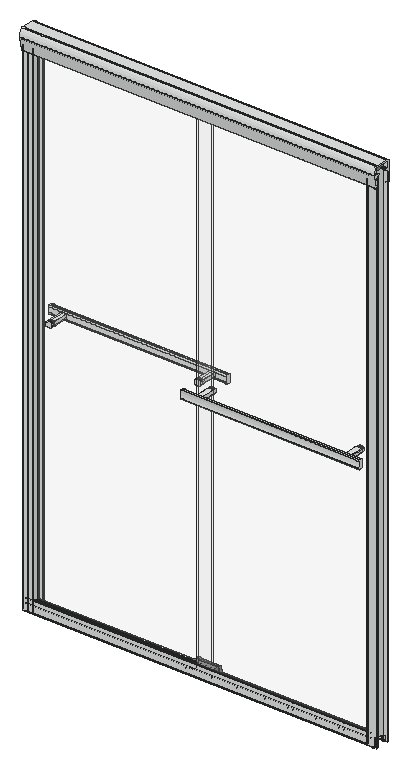
Revit family "Shower-Shower_Door-KOHLER-Gradient-K-709063_1", category Specialty Equipment, host Face, Revit 2021
Family settings
  Host = Face
  Round Connector Dimension = Use Diameter
  Part Type = Normal
  OmniClass Number = 23.31.17.17
  OmniClass Title = Shower Enclosures
  Cut with Voids When Loaded = No
  Shared = No
  Room Calculation Point = No
Parameters (values of type "Crystal Clear Glass, SHP-Bright Polished Silver")
  Width [instance] = 47 163/256"
  WaterSense Certified = 1 = 0  # no
  Walk Thru [instance] = Width - (1.40945" + 24.33858")  # 21.88869"
  URL = "https://www.us.kohler.com/us/"
  Type = 3
  Secondary Finish = Kohler-Glass-L-Crystal_Clear
  Product Page URL = "http://www.us.kohler.com/us/catalog/productDetails.jsp?productNumber=709063-L"
  Product Name = "Gradient"  # constant formula
  Product Documentation Link = "https://www.us.kohler.com/webassets/kpna/catalog/pdf/en/K-709063-L_spec_US-CA_Kohler_en.pdf"
  Model = if(Type = 1, "K-709063-L-ABZ", if(Type = 2, "K-709063-L-MX", if(Type = 3, "K-709063-L-SHP", if(Type = 4, "K-709063-D3-ABZ", if(Type = 5, "K-709063-D3-MX", if(Type = 6, "K-709063-D3-SHP", "NA"))))))  # "K-709063-L-SHP"
  Material = "Premium Metal Construction"  # constant formula
  Master Format 2014 Name = "Shower Doors"  # constant formula
  Master Format 2014 = "10 28 19.16"  # constant formula
  Manufacturer Address = "444 Highland Dr, Kohler, WI 53044"  # constant formula
  Manufacturer = "Kohler Co."  # constant formula
  Length = 6.02362"  # constant formula
  Height = 70.07874"  # constant formula
  Finish = Kohler-Metal-SHP-Bright_Polished_Silver
  Environmental Product Declaration = ""
  Description = if(Type < 4, "Sliding Bath Door, 70-1/16 Inch H x 42-5/8 - 47-5/8 Inch W, With 1/4 Inch Thick Crystal Clear Glass", "Sliding Bath Door, 70-1/16 Inch H x 42-5/8 - 47-5/8 Inch W, With 1/4 Inch Thick Frosted Glass")  # "Sliding Bath Door, 70-1/16 Inch H x 42-5/8 - 47-5/8 Inch W, With 1/4 Inch Thick Crystal Clear Glass"
  Default Elevation = 4"
  Declare Label = ""
  Date Modified = "08/08/2023"  # constant formula
  Date Created = "08/08/2023"  # constant formula
  Copyright = "Copyright Kohler Co."  # constant formula
  Contact Us = "https://www.us.kohler.com/us/static/contact.jsp"
  Assembly Code = "C1030200"
  ADA Compliant = 1 = 0  # no
Reference planes (in)
  plane 1 "Center (Front/Back)": y = 0
  plane 2: z = 0
  plane 3 "Center (Left/Right)": x = 0
  plane 4: y = 3.47714
  plane 5: y = -2.54649
  plane 6: y = 0.115
  plane 7: y = -0.115
  plane 8: y = 0.81969
  plane 9: y = 1.04969
  plane 10: z = 70.07874
  plane 11: x = 47.63672
  plane 12: x = 46.22734
  plane 13: x = 24.33865
  plane 14: z = 67.35331
  plane 15: z = 34.81641
  plane 16: z = 1.52572
  plane 17: x = 46.90678
  plane 18: x = 22.89715
  plane 19: x = 23.15319
  plane 20: x = 46.65654
  plane 21: x = 24.73708
  plane 22: x = 0.76016
  plane 23: x = 0.9798
  plane 24: x = 24.48853
  plane 25: y = 1.48378
  plane 26: y = -0.85862
Dimensions and locks (in)
  "Length": plane 5 to plane 4
  plane 6 to plane 7 = 0.23"
  plane 9 to plane 8 = 0.23"
  "Width": plane 11 to plane 3 "Center (Left/Right)"
  locked: plane 11 to plane 12 at 1.40938
  plane 13 to plane 3 "Center (Left/Right)" = 24.33865"
  "Walk Thru": plane 13 to plane 12
  plane 15 to level = 34 209/256"  (x2)
  "Height": plane 10 to level
  plane 14 to plane 16 to level = 65.82759", 1.52572"
  plane 19 to plane 20 to plane 11 = 23.50335" locked, 0.98018" locked
  plane 3 "Center (Left/Right)" to plane 23 to plane 24 = 0.9798" locked, 23.50873" locked
  plane 3 "Center (Left/Right)" to plane 22 to plane 21 = 0.76016" locked, 23.97692" locked
  plane 18 to plane 17 to plane 11 = 24.00963" locked, 0.72993" locked
  plane 25 to plane 26 = 2.3424"
  plane 14 to level = 67.35331"
  plane 10 to plane 14 = 2.72543"
  aligned and locked: plane 2 to host face
  aligned and locked: level to host face
  aligned and locked: plane 3 "Center (Left/Right)" to nested 1
  aligned and locked: level to nested 1
Automatic sketch dimensions
  host sketch curve to host sketch curve = 96"  (x2)
Nested families (in)
  nested 1: "K-709063" at (0, 0, 0), type "K-709063"
Definition of nested family "K-709063"
  Parameters (values of type "K-709063")
    Width = 47.6378"
    Walk Thru = Width - (1.40945" + 24.33858")  # 21.88976"
    Material = none
    Height = 70.07874"
    Glass Finish = none
    Default Elevation = 0"
  Reference planes (in)
    plane 1 "Center (Front/Back)": y = 0
    plane 2: z = 0
    plane 3 "Center (Left/Right)": x = 0
    plane 4: z = 70.07874
    plane 5: z = 34.81641
    plane 6: x = 47.6378
    plane 7: x = 46.22842
    plane 8: x = 23.15426
    plane 9: x = 46.65761
    plane 10: x = 47.27385
    plane 11: z = 68.87967
    plane 12: x = 3.9798
    plane 13: x = 26.15426
    plane 14: x = 21.48826
    plane 15: x = 43.65761
    plane 16: x = 19.92839
    plane 17: x = 43.88795
    plane 18: z = 0.04959
    plane 19: y = -2.54713
    plane 20: y = 3.47714
    plane 21: z = 68.62591
    plane 22: z = 69.42451
    plane 23: z = 67.35331
    plane 24: z = 68.06881
    plane 25: y = 0.81969
    plane 26: y = 1.04969
    plane 27: y = 0.115
    plane 28: y = -0.115
    plane 29: z = 1.52572
    plane 30: x = 44.90426
    plane 31: x = 24.90426
    plane 32: x = 22.73826
    plane 33: x = 2.73826
    plane 34: x = 24.33865
    plane 35: x = 0.9798
    plane 36: z = 0
    plane 37: x = 24.48853
    plane 38: x = 22.89823
    plane 39: x = 46.90786
    plane 40: x = 24.73708
    plane 41: x = 0.76016
  Forms (in)
    Extrusion 1, solid, material <- "Material", detail levels medium+fine
      sketch origin (0, 0, 0) x (0, 1, 0) y (0, 0, 1)
        loop
          line (1.29486, 0.07294) -> (1.29486, 0.44692) -> (1.2746, 0.48201) -> (1.29486, 0.51709) -> (1.29486, 0.55492)
          arc (1.29486, 0.55492) -> (1.27265, 0.60989) -> (1.21849, 0.634) r 0.07913
          line (1.21849, 0.634) -> (-0.32511, 0.68791) -> (-0.32511, 0.84538)
          arc (-0.32511, 0.84538) -> (-0.31749, 0.8583) -> (-0.30249, 0.85789) r 0.01477
          arc (-0.30249, 0.85789) -> (-0.28603, 0.84882) -> (-0.26865, 0.84165) r 0.16784
          line (-0.26865, 0.84165) -> (-0.24671, 0.81971)
          arc (-0.24671, 0.81971) -> (-0.23175, 0.81584) -> (-0.22112, 0.82705) r 0.01522
          arc (-0.22112, 0.82705) -> (-0.2255, 0.85945) -> (-0.25019, 0.88089) r 0.04633
          arc (-0.25019, 0.88089) -> (-0.26957, 0.89021) -> (-0.28686, 0.90299) r 0.11456
          arc (-0.28686, 0.90299) -> (-0.31502, 0.94159) -> (-0.32499, 0.98833) r 0.11456
          line (-0.32499, 0.98833) -> (-0.32499, 1.11084) -> (-0.26549, 1.11084)
          arc (-0.26549, 1.11084) -> (-0.22886, 1.12601) -> (-0.21369, 1.16263) r 0.0518
          line (-0.21369, 1.16263) -> (-0.21369, 1.19618)
          arc (-0.21369, 1.19618) -> (-0.23637, 1.21886) -> (-0.25905, 1.19618) r 0.02268
          line (-0.25905, 1.19618) -> (-0.25905, 1.15504) -> (-0.31001, 1.15504) -> (-0.31001, 1.21871) -> (-0.32499, 1.25084) -> (-0.32499, 1.38715) -> (-0.31002, 1.41925) -> (-0.31002, 1.47562) -> (-0.2602, 1.47562) -> (-0.2602, 1.43996)
          arc (-0.2602, 1.43996) -> (-0.23541, 1.41517) -> (-0.21062, 1.43996) r 0.02479
          line (-0.21062, 1.43996) -> (-0.21062, 1.47889)
          arc (-0.21062, 1.47889) -> (-0.22434, 1.512) -> (-0.25745, 1.52572) r 0.04683
          line (-0.25745, 1.52572) -> (-0.30844, 1.52572)
          arc (-0.30844, 1.52572) -> (-0.35456, 1.50662) -> (-0.37367, 1.46049) r 0.06523
          line (-0.37367, 1.46049) -> (-0.37367, 0.07099)
          arc (-0.37367, 0.07099) -> (-0.37954, 0.05683) -> (-0.3937, 0.05096) r 0.02003
          line (-0.3937, 0.05096) -> (-0.42577, 0.05096)
          arc (-0.42577, 0.05096) -> (-0.42531, 0.01788) -> (-0.39744, 0.00004) r 0.03491
          arc (-0.39744, 0.00004) -> (-0.34661, 0.0178) -> (-0.32508, 0.06714) r 0.06729
          line (-0.32508, 0.06714) -> (-0.32508, 0.10788) -> (-0.09874, 0.10788)
          arc (-0.09874, 0.10788) -> (-0.07632, 0.1303) -> (-0.09874, 0.15271) r 0.02242
          line (-0.09874, 0.15271) -> (-0.32509, 0.15271) -> (-0.32509, 0.64098) -> (1.04013, 0.59521)
          arc (1.04013, 0.59521) -> (1.05516, 0.58422) -> (1.05044, 0.56621) r 0.01654
          arc (1.05044, 0.56621) -> (1.04292, 0.54967) -> (1.05044, 0.53313) r 0.02195
          line (1.05044, 0.53313) -> (1.22463, 0.53313) -> (1.22463, 0.43043) -> (1.06157, 0.43043)
          arc (1.06157, 0.43043) -> (1.04772, 0.42385) -> (1.04408, 0.40894) r 0.01787
          arc (1.04408, 0.40894) -> (1.05451, 0.39177) -> (1.07345, 0.38503) r 0.03
          line (1.07345, 0.38503) -> (1.25009, 0.38503) -> (1.25009, 0.05809)
          arc (1.25009, 0.05809) -> (1.25916, 0.02712) -> (1.28349, 0.00592) r 0.05744
          arc (1.28349, 0.00592) -> (1.31963, 0.00054) -> (1.35298, 0.01544) r 0.06519
          line (1.35298, 0.01544) -> (1.35298, 0.05032) -> (1.31748, 0.05032)
          arc (1.31748, 0.05032) -> (1.30148, 0.05694) -> (1.29486, 0.07294) r 0.02262
        loop
          line (-0.26698, 1.4057) -> (-0.26698, 1.4607) -> (-0.3002, 1.4607) -> (-0.3002, 1.17078) -> (-0.26663, 1.17078) -> (-0.26663, 1.22766) -> (-0.21844, 1.22766)
          arc (-0.21844, 1.22766) -> (-0.12942, 1.31668) -> (-0.21844, 1.4057) r 0.08902
          line (-0.21844, 1.4057) -> (-0.26698, 1.4057)
      from 0.3608 to 47.27385
    Extrusion 2, solid
      sketch origin (0, 0, 0) x (0, 1, 0) y (0, 0, 1)
        loop
          line (0.66435, 0.8084) -> (0.67425, 1.37565)
          arc (0.67425, 1.37565) -> (0.68433, 1.39372) -> (0.70495, 1.39536) r 0.02193
          arc (0.70495, 1.39536) -> (0.8185, 1.33639) -> (0.9231, 1.26269) r 0.95
          arc (0.9231, 1.26269) -> (0.95826, 1.26637) -> (0.95459, 1.30153) r 0.025
          arc (0.95459, 1.30153) -> (0.4723, 1.49126) -> (-0.00999, 1.30153) r 0.70787
          arc (-0.00999, 1.30153) -> (-0.01367, 1.26637) -> (0.02149, 1.26269) r 0.025
          arc (0.02149, 1.26269) -> (0.12593, 1.33629) -> (0.23929, 1.39521) r 0.95
          arc (0.23929, 1.39521) -> (0.26015, 1.39355) -> (0.27035, 1.37527) r 0.02218
          line (0.27035, 1.37527) -> (0.28024, 0.80885)
          arc (0.28024, 0.80885) -> (0.26258, 0.76557) -> (0.21906, 0.74852) r 0.05932
          line (0.21906, 0.74852) -> (-0.14589, 0.76001)
          arc (-0.14589, 0.76001) -> (-0.17227, 0.76652) -> (-0.19368, 0.78326) r 0.06496
          arc (-0.19368, 0.78326) -> (-0.21529, 0.79989) -> (-0.24192, 0.80581) r 0.06289
          line (-0.24192, 0.80581) -> (-0.28466, 0.80581) -> (-0.28857, 0.68593) -> (1.19947, 0.63741)
          arc (1.19947, 0.63741) -> (1.26756, 0.60723) -> (1.2955, 0.5382) r 0.09927
          line (1.2955, 0.5382) -> (1.2955, 0.06186) -> (1.38692, 0.06186) -> (1.38692, 0.71087)
          arc (1.38692, 0.71087) -> (1.25044, 1.04204) -> (1.19033, 1.39515) r 1.61462
          arc (1.19033, 1.39515) -> (1.12518, 1.45597) -> (1.0614, 1.39373) r 0.06454
          line (1.0614, 1.39373) -> (1.0391, 0.76495)
          arc (1.0391, 0.76495) -> (1.02578, 0.73531) -> (0.99555, 0.72341) r 0.04307
          line (0.99555, 0.72341) -> (0.744, 0.72638)
          arc (0.744, 0.72638) -> (0.68712, 0.75083) -> (0.66435, 0.8084) r 0.08062
      from 22.31148 to 25.33896
    Extrusion 3, solid, material <- "Glass Finish"
      sketch origin (0, 0, 0) x (1, 0, 0) y (0, 1, 0)
        loop
          line (46.62124, 0.115) -> (23.19063, 0.115)
          arc (23.19063, 0.115) -> (23.15426, 0) -> (23.19063, -0.115) r 0.2
          line (23.19063, -0.115) -> (46.62124, -0.115)
          arc (46.62124, -0.115) -> (46.65761, 0) -> (46.62124, 0.115) r 0.2
      from 1.02762 to 68.06881
    Extrusion 4, solid, material <- "Glass Finish"
      sketch origin (0, 0, 0) x (1, 0, 0) y (0, 1, 0)
        loop
          arc (1.01617, 1.04969) -> (0.9798, 0.93469) -> (1.01617, 0.81969) r 0.2
          line (1.01617, 0.81969) -> (24.4519, 0.81969)
          arc (24.4519, 0.81969) -> (24.48853, 0.93469) -> (24.4519, 1.04969) r 0.19881
          line (24.4519, 1.04969) -> (1.01617, 1.04969)
      from 1.02762 to 68.06881
    Extrusion 5, solid, material <- "Material", detail levels medium+fine
      sketch origin (0, 0, 0) x (0, 1, 0) y (0, 0, 1)
        loop
          line (1.23281, 70.04529) -> (-0.29851, 70.04529)
          arc (-0.29851, 70.04529) -> (-0.31509, 70.04744) -> (-0.33057, 70.05375) r 0.06497
          arc (-0.33057, 70.05375) -> (-0.4542, 70.07254) -> (-0.55881, 70.00402) r 0.175
          arc (-0.55881, 70.00402) -> (-0.77592, 69.58289) -> (-0.8593, 69.11648) r 1.59001
          arc (-0.8593, 69.11648) -> (-0.65953, 68.24277) -> (-0.54931, 67.35331) r 8.8334
          line (-0.54931, 67.35331) -> (-0.46846, 67.35331) -> (-0.46846, 67.41238)
          arc (-0.46846, 67.41238) -> (-0.48453, 67.4178) -> (-0.4918, 67.43313) r 0.0217
          arc (-0.4918, 67.43313) -> (-0.56433, 68.16245) -> (-0.72135, 68.87834) r 6.2792
          line (-0.72135, 68.87834) -> (-0.5181, 68.87834) -> (-0.5181, 68.7032)
          arc (-0.5181, 68.7032) -> (-0.49314, 68.67824) -> (-0.46817, 68.7032) r 0.02497
          line (-0.46817, 68.7032) -> (-0.46817, 68.87834) -> (-0.32125, 68.87834)
          arc (-0.32125, 68.87834) -> (-0.21226, 68.89365) -> (-0.1117, 68.93837) r 0.39578
          line (-0.1117, 68.93837) -> (-0.1117, 69.03317)
          arc (-0.1117, 69.03317) -> (-0.13677, 69.05824) -> (-0.16184, 69.03317) r 0.02507
          line (-0.16184, 69.03317) -> (-0.16184, 68.97712)
          arc (-0.16184, 68.97712) -> (-0.29355, 68.92352) -> (-0.42717, 68.97218) r 0.1977
          line (-0.42717, 68.97218) -> (-0.42717, 69.02788) -> (-0.75964, 69.02788) -> (-0.78846, 69.13546)
          arc (-0.78846, 69.13546) -> (-0.70041, 69.56886) -> (-0.50691, 69.96654) r 1.75679
          arc (-0.50691, 69.96654) -> (-0.44916, 70.00818) -> (-0.37839, 70.00042) r 0.09922
          arc (-0.37839, 70.00042) -> (-0.34074, 69.98637) -> (-0.30084, 69.9816) r 0.16919
          line (-0.30084, 69.9816) -> (1.25494, 69.9816)
          arc (1.25494, 69.9816) -> (1.30282, 69.98758) -> (1.34777, 70.00515) r 0.19476
          arc (1.34777, 70.00515) -> (1.39629, 70.00417) -> (1.42027, 69.96199) r 0.0491
          line (1.42027, 69.96199) -> (1.42027, 69.02564) -> (1.36153, 69.02564) -> (1.36153, 68.97428)
          arc (1.36153, 68.97428) -> (1.22935, 68.93218) -> (1.09592, 68.97011) r 0.24041
          line (1.09592, 68.97011) -> (1.09592, 69.03666)
          arc (1.09592, 69.03666) -> (1.0718, 69.06078) -> (1.04768, 69.03666) r 0.02412
          line (1.04768, 69.03666) -> (1.04768, 68.94102)
          arc (1.04768, 68.94102) -> (1.12303, 68.89294) -> (1.21081, 68.87611) r 0.23747
          line (1.21081, 68.87611) -> (1.421, 68.87611) -> (1.421, 67.43673)
          arc (1.421, 67.43673) -> (1.4163, 67.41983) -> (1.40354, 67.40778) r 0.03274
          line (1.40354, 67.40778) -> (1.40354, 67.35331) -> (1.48378, 67.35331) -> (1.48378, 69.95771)
          arc (1.48378, 69.95771) -> (1.42996, 70.05614) -> (1.31805, 70.06394) r 0.11691
          arc (1.31805, 70.06394) -> (1.27644, 70.05) -> (1.23281, 70.04529) r 0.20409
      from 0.00062 to 47.6378
    Extrusion 6, solid, material <- "Material", detail levels medium+fine
      sketch origin (0, 0, 0) x (1, 0, 0) y (0, 1, 0)
        loop
          line (0.67999, 1.33704) -> (0.67999, -0.40125)
          arc (0.67999, -0.40125) -> (0.37718, -0.40523) -> (0.07453, -0.41597) r 13.57614
          arc (0.07453, -0.41597) -> (0.05946, -0.41037) -> (0.05303, -0.39563) r 0.02055
          arc (0.05303, -0.39563) -> (0.02671, -0.36966) -> (0.00062, -0.39587) r 0.0262
          line (0.00062, -0.39587) -> (0.00062, -0.43355)
          arc (0.00062, -0.43355) -> (0.01344, -0.46089) -> (0.04264, -0.46853) r 0.03557
          arc (0.04264, -0.46853) -> (0.70746, -0.45054) -> (1.37227, -0.46875) r 12.22026
          arc (1.37227, -0.46875) -> (1.39854, -0.4591) -> (1.4096, -0.4334) r 0.0354
          line (1.4096, -0.4334) -> (1.4096, -0.39587)
          arc (1.4096, -0.39587) -> (1.38303, -0.36971) -> (1.35729, -0.39669) r 0.02616
          arc (1.35729, -0.39669) -> (1.35157, -0.41111) -> (1.33714, -0.41678) r 0.01949
          line (1.33714, -0.41678) -> (0.72932, -0.39556) -> (0.72932, 1.33135) -> (1.33714, 1.35257)
          arc (1.33714, 1.35257) -> (1.35157, 1.3469) -> (1.35729, 1.33248) r 0.01949
          arc (1.35729, 1.33248) -> (1.38303, 1.3055) -> (1.4096, 1.33166) r 0.02616
          line (1.4096, 1.33166) -> (1.4096, 1.36919)
          arc (1.4096, 1.36919) -> (1.39854, 1.39489) -> (1.37227, 1.40454) r 0.0354
          arc (1.37227, 1.40454) -> (0.70746, 1.38633) -> (0.04264, 1.40432) r 12.22026
          arc (0.04264, 1.40432) -> (0.01344, 1.39668) -> (0.00062, 1.36935) r 0.03557
          line (0.00062, 1.36935) -> (0.00062, 1.33166)
          arc (0.00062, 1.33166) -> (0.02671, 1.30545) -> (0.05303, 1.33142) r 0.0262
          arc (0.05303, 1.33142) -> (0.05946, 1.34616) -> (0.07453, 1.35176) r 0.02055
          arc (0.07453, 1.35176) -> (0.37718, 1.34102) -> (0.67999, 1.33704) r 13.57614
      from 0.05096 to 68.87967
    Extrusion 7, solid, material <- "Material", detail levels medium+fine
      sketch origin (0, 0, 0) x (1, 0, 0) y (0, 1, 0)
        loop
          line (46.90786, 1.3398) -> (46.90786, -0.40175)
          arc (46.90786, -0.40175) -> (46.6029, -0.40542) -> (46.29816, -0.41739) r 11.20243
          arc (46.29816, -0.41739) -> (46.28349, -0.41154) -> (46.27841, -0.39659) r 0.01885
          arc (46.27841, -0.39659) -> (46.2548, -0.36893) -> (46.22842, -0.39396) r 0.02507
          line (46.22842, -0.39396) -> (46.22842, -0.43519)
          arc (46.22842, -0.43519) -> (46.23884, -0.45941) -> (46.2636, -0.4685) r 0.03335
          arc (46.2636, -0.4685) -> (46.93456, -0.4501) -> (47.60552, -0.46839) r 12.28253
          arc (47.60552, -0.46839) -> (47.62766, -0.46026) -> (47.63698, -0.43859) r 0.02984
          line (47.63698, -0.43859) -> (47.63698, -0.39396)
          arc (47.63698, -0.39396) -> (47.61059, -0.36893) -> (47.58699, -0.39661) r 0.02507
          arc (47.58699, -0.39661) -> (47.58218, -0.4108) -> (47.56826, -0.41633) r 0.01785
          arc (47.56826, -0.41633) -> (47.26274, -0.40438) -> (46.957, -0.40193) r 9.83252
          line (46.957, -0.40193) -> (46.957, 1.33999)
          arc (46.957, 1.33999) -> (47.26274, 1.34243) -> (47.56826, 1.35438) r 9.83252
          arc (47.56826, 1.35438) -> (47.58218, 1.34885) -> (47.58699, 1.33467) r 0.01785
          arc (47.58699, 1.33467) -> (47.61059, 1.30698) -> (47.63698, 1.33202) r 0.02507
          line (47.63698, 1.33202) -> (47.63698, 1.37665)
          arc (47.63698, 1.37665) -> (47.62766, 1.39831) -> (47.60552, 1.40644) r 0.02984
          arc (47.60552, 1.40644) -> (46.93456, 1.38816) -> (46.2636, 1.40655) r 12.28253
          arc (46.2636, 1.40655) -> (46.23884, 1.39747) -> (46.22842, 1.37325) r 0.03335
          line (46.22842, 1.37325) -> (46.22842, 1.33202)
          arc (46.22842, 1.33202) -> (46.2548, 1.30698) -> (46.27841, 1.33464) r 0.02507
          arc (46.27841, 1.33464) -> (46.28349, 1.3496) -> (46.29816, 1.35545) r 0.01885
          arc (46.29816, 1.35545) -> (46.6029, 1.34347) -> (46.90786, 1.3398) r 11.20243
      from 0.04959 to 68.87967
    Extrusion 8, solid, detail levels medium+fine
      sketch origin (0, 0, 0) x (0, 1, 0) y (0, 0, 1)
        loop
          line (1.38976, 69.36026) -> (-0.45232, 69.36026) -> (-0.45232, 69.05796) -> (-0.16142, 69.05796) -> (-0.16142, 68.87835) -> (-0.35735, 68.87835) -> (-0.35735, 67.85336) -> (1.29216, 67.85336) -> (1.29216, 68.87737) -> (1.09774, 68.87737) -> (1.09774, 69.05609) -> (1.38976, 69.05609) -> (1.38976, 69.36026)
      from 0.72932 to 0.9809
    Extrusion 9, solid, detail levels medium+fine
      sketch origin (46.65761, 0, 48) x (0, 1, 0) y (0, 0, 1)
        loop
          line (1.38976, 21.36026) -> (-0.45232, 21.36026) -> (-0.45232, 21.05796) -> (-0.16142, 21.05796) -> (-0.16142, 20.87835) -> (-0.35735, 20.87835) -> (-0.35735, 19.85336) -> (1.29216, 19.85336) -> (1.29216, 20.87737) -> (1.09774, 20.87737) -> (1.09774, 21.05609) -> (1.38976, 21.05609) -> (1.38976, 21.36026)
      from 0 to 0.25025
    Extrusion 10, solid, material <- "Material", detail levels medium+fine
      sketch origin (3.9798, -180, 57.62292) x (0, 0, 1) y (0, -1, 0)
        loop
          arc (9.90333, -180.69469) -> (9.89592, -180.72969) -> (9.92558, -180.74969) r 0.032
          line (9.92558, -180.74969) -> (10.95858, -180.74969)
          arc (10.95858, -180.74969) -> (11.01868, -180.77458) -> (11.04358, -180.83469) r 0.085
          line (11.04358, -180.83469) -> (11.04358, -181.01469)
          arc (11.04358, -181.01469) -> (11.01868, -181.07479) -> (10.95858, -181.09969) r 0.085
          line (10.95858, -181.09969) -> (9.92558, -181.09969)
          arc (9.92558, -181.09969) -> (9.89592, -181.11969) -> (9.90333, -181.15469) r 0.032
          line (9.90333, -181.15469) -> (10.95358, -181.15469)
          arc (10.95358, -181.15469) -> (11.04947, -181.11669) -> (11.09331, -181.02333) r 0.14
          arc (11.09331, -181.02333) -> (11.11289, -180.98165) -> (11.15569, -180.96469) r 0.0625
          line (11.15569, -180.96469) -> (11.93558, -180.96469)
          arc (11.93558, -180.96469) -> (11.97558, -180.92469) -> (11.93558, -180.88469) r 0.04
          line (11.93558, -180.88469) -> (11.15569, -180.88469)
          arc (11.15569, -180.88469) -> (11.11289, -180.86772) -> (11.09331, -180.82604) r 0.0625
          arc (11.09331, -180.82604) -> (11.04947, -180.73268) -> (10.95358, -180.69469) r 0.14
          line (10.95358, -180.69469) -> (9.90333, -180.69469)
      from -0.625 to 0.625
    Extrusion 11, solid, material <- "Material", detail levels medium+fine
      sketch origin (21.48826, -180, 57.55142) x (0, 0, 1) y (0, -1, 0)
        loop
          line (11.02508, -180.69469) -> (9.97483, -180.69469)
          arc (9.97483, -180.69469) -> (9.96742, -180.72969) -> (9.99708, -180.74969) r 0.032
          line (9.99708, -180.74969) -> (11.03008, -180.74969)
          arc (11.03008, -180.74969) -> (11.09018, -180.77458) -> (11.11508, -180.83469) r 0.085
          line (11.11508, -180.83469) -> (11.11508, -181.01469)
          arc (11.11508, -181.01469) -> (11.09018, -181.07479) -> (11.03008, -181.09969) r 0.085
          line (11.03008, -181.09969) -> (9.99708, -181.09969)
          arc (9.99708, -181.09969) -> (9.96742, -181.11969) -> (9.97483, -181.15469) r 0.032
          line (9.97483, -181.15469) -> (11.02508, -181.15469)
          arc (11.02508, -181.15469) -> (11.12097, -181.11669) -> (11.16481, -181.02333) r 0.14
          arc (11.16481, -181.02333) -> (11.18439, -180.98165) -> (11.22719, -180.96469) r 0.0625
          line (11.22719, -180.96469) -> (12.00708, -180.96469)
          arc (12.00708, -180.96469) -> (12.04708, -180.92469) -> (12.00708, -180.88469) r 0.04
          line (12.00708, -180.88469) -> (11.22719, -180.88469)
          arc (11.22719, -180.88469) -> (11.18439, -180.86772) -> (11.16481, -180.82604) r 0.0625
          arc (11.16481, -180.82604) -> (11.12097, -180.73268) -> (11.02508, -180.69469) r 0.14
      from -0.625 to 0.625
    Extrusion 12, solid, material <- "Material", detail levels medium+fine
      sketch origin (26.15426, -180, 56.04292) x (0, 0, 1) y (0, -1, 0)
        loop
          arc (11.48333, -179.78) -> (11.47592, -179.815) -> (11.50558, -179.835) r 0.032
          line (11.50558, -179.835) -> (12.53858, -179.835)
          arc (12.53858, -179.835) -> (12.59868, -179.8599) -> (12.62358, -179.92) r 0.085
          line (12.62358, -179.92) -> (12.62358, -180.1)
          arc (12.62358, -180.1) -> (12.59868, -180.1601) -> (12.53858, -180.185) r 0.085
          line (12.53858, -180.185) -> (11.50558, -180.185)
          arc (11.50558, -180.185) -> (11.47592, -180.205) -> (11.48333, -180.24) r 0.032
          line (11.48333, -180.24) -> (12.53358, -180.24)
          arc (12.53358, -180.24) -> (12.62947, -180.202) -> (12.67331, -180.10864) r 0.14
          arc (12.67331, -180.10864) -> (12.69289, -180.06696) -> (12.73569, -180.05) r 0.0625
          line (12.73569, -180.05) -> (13.51558, -180.05)
          arc (13.51558, -180.05) -> (13.55558, -180.01) -> (13.51558, -179.97) r 0.04
          line (13.51558, -179.97) -> (12.73569, -179.97)
          arc (12.73569, -179.97) -> (12.69289, -179.95304) -> (12.67331, -179.91136) r 0.0625
          arc (12.67331, -179.91136) -> (12.62947, -179.818) -> (12.53358, -179.78) r 0.14
          line (12.53358, -179.78) -> (11.48333, -179.78)
      from -0.625 to 0.625
    Extrusion 13, solid, material <- "Material", detail levels medium+fine
      sketch origin (43.65761, -180, 57.61267) x (0, 0, 1) y (0, -1, 0)
        loop
          arc (9.93583, -180.185) -> (9.90617, -180.205) -> (9.91358, -180.24) r 0.032
          line (9.91358, -180.24) -> (10.96383, -180.24)
          arc (10.96383, -180.24) -> (11.05972, -180.202) -> (11.10356, -180.10864) r 0.14
          arc (11.10356, -180.10864) -> (11.12314, -180.06696) -> (11.16594, -180.05) r 0.0625
          line (11.16594, -180.05) -> (11.94583, -180.05)
          arc (11.94583, -180.05) -> (11.98583, -180.01) -> (11.94583, -179.97) r 0.04
          line (11.94583, -179.97) -> (11.16594, -179.97)
          arc (11.16594, -179.97) -> (11.12314, -179.95304) -> (11.10356, -179.91136) r 0.0625
          arc (11.10356, -179.91136) -> (11.05972, -179.818) -> (10.96383, -179.78) r 0.14
          line (10.96383, -179.78) -> (9.91358, -179.78)
          arc (9.91358, -179.78) -> (9.90617, -179.815) -> (9.93583, -179.835) r 0.032
          line (9.93583, -179.835) -> (10.96883, -179.835)
          arc (10.96883, -179.835) -> (11.02893, -179.8599) -> (11.05383, -179.92) r 0.085
          line (11.05383, -179.92) -> (11.05383, -180.1)
          arc (11.05383, -180.1) -> (11.02893, -180.1601) -> (10.96883, -180.185) r 0.085
          line (10.96883, -180.185) -> (9.93583, -180.185)
      from -0.625 to 0.625
    Revolve 14, solid, material <- "Material", detail levels medium+fine
      sketch origin (3.9798, -180, 57.62292) x (0, 0, 1) y (0, -1, 0)
        loop
          arc (12.01458, -181.33469) -> (12.06918, -181.19513) -> (11.94969, -181.10469) r 0.12416
          line (11.94969, -181.10469) -> (11.83672, -181.10469) -> (11.86559, -181.08447) -> (11.86559, -180.97988) -> (11.83701, -180.96469) -> (11.76523, -180.96469) -> (11.76523, -180.85863) -> (11.83615, -180.85863)
          arc (11.83615, -180.85863) -> (11.78348, -180.77585) -> (11.6908, -180.74361) r 0.14934
          line (11.6908, -180.74361) -> (11.6908, -181.36127) -> (11.75303, -181.36127) -> (11.77962, -181.33469) -> (12.01458, -181.33469)
        axis (11.6908, -181.36127) -> (11.6908, -180.74361)
      angle from 0 to 360
    Revolve 15, solid, material <- "Material", detail levels medium+fine
      sketch origin (21.48826, -180, 57.55142) x (0, 0, 1) y (0, -1, 0)
        loop
          arc (12.08608, -181.33469) -> (12.14068, -181.19513) -> (12.02119, -181.10469) r 0.12416
          line (12.02119, -181.10469) -> (11.90822, -181.10469) -> (11.93709, -181.08447) -> (11.93709, -180.97988) -> (11.90851, -180.96469) -> (11.83673, -180.96469) -> (11.83673, -180.85863) -> (11.90765, -180.85863)
          arc (11.90765, -180.85863) -> (11.85498, -180.77585) -> (11.7623, -180.74361) r 0.14934
          line (11.7623, -180.74361) -> (11.7623, -181.36127) -> (11.82453, -181.36127) -> (11.85112, -181.33469) -> (12.08608, -181.33469)
        axis (11.7623, -180.74361) -> (11.7623, -181.36127)
      angle from 0 to 360
    Revolve 16, solid, material <- "Material", detail levels medium+fine
      sketch origin (26.15426, -180, 56.04292) x (0, 0, 1) y (0, -1, 0)
        loop
          line (13.59458, -179.6) -> (13.35962, -179.6) -> (13.33303, -179.57342) -> (13.2708, -179.57342) -> (13.2708, -180.19107)
          arc (13.2708, -180.19107) -> (13.36348, -180.15884) -> (13.41615, -180.07605) r 0.14934
          line (13.41615, -180.07605) -> (13.34523, -180.07605) -> (13.34523, -179.97) -> (13.41701, -179.97) -> (13.44559, -179.95481) -> (13.44559, -179.85021) -> (13.41672, -179.83) -> (13.52969, -179.83)
          arc (13.52969, -179.83) -> (13.64918, -179.73956) -> (13.59458, -179.6) r 0.12416
        axis (13.2708, -179.57342) -> (13.2708, -180.19107)
      angle from 0 to 360
    Revolve 17, solid, material <- "Material", detail levels medium+fine
      sketch origin (43.65761, -180, 57.61267) x (0, 0, 1) y (0, -1, 0)
        loop
          line (12.02483, -179.6) -> (11.78987, -179.6) -> (11.76328, -179.57342) -> (11.70105, -179.57342) -> (11.70105, -180.19107)
          arc (11.70105, -180.19107) -> (11.79373, -180.15884) -> (11.8464, -180.07605) r 0.14934
          line (11.8464, -180.07605) -> (11.77548, -180.07605) -> (11.77548, -179.97) -> (11.84726, -179.97) -> (11.87584, -179.95481) -> (11.87584, -179.85021) -> (11.84697, -179.83) -> (11.95994, -179.83)
          arc (11.95994, -179.83) -> (12.07943, -179.73956) -> (12.02483, -179.6) r 0.12416
        axis (11.70105, -179.57342) -> (11.70105, -180.19107)
      angle from 0 to 360
    Extrusion 18, solid, material <- "Material"
      sketch origin (2.99665, 0, 0) x (1, 0, 0) y (0, 0, 1)
        loop
          circle (41.90761, 34.81641) r 0.15748
        loop
          circle (21.90761, 34.81641) r 0.15748
      from -0.115 to 0.115
    Extrusion 19, void
      sketch origin (43.65761, -180, 57.61267) x (0, 0, 1) y (0, -1, 0)
        loop
          line (-56.89517, -179.82378) -> (-56.15254, -179.82378)
          arc (-56.15254, -179.82378) -> (-56.0563, -179.72754) -> (-56.15254, -179.6313) r 0.09624
          line (-56.15254, -179.6313) -> (-57.65703, -179.6313) -> (-57.65703, -181.30153) -> (-56.94677, -181.30153) -> (-56.89517, -179.82378)
      from -43.65761 to 3.98018
    Extrusion 20, solid, material <- "Material", detail levels coarse
      sketch origin (0, 0, 0) x (0, 1, 0) y (0, 0, 1)
        loop
          line (1.52931, 67.35331) -> (1.52931, 70.07874) -> (-0.77512, 70.07874) -> (-0.8593, 69.11648) -> (-0.54931, 67.35331) -> (-0.165, 67.35331) -> (-0.165, 68.14817) -> (1.09969, 68.14817) -> (1.09969, 67.35331) -> (1.52931, 67.35331)
      from 0 to 47.6378
    Extrusion 21, solid, material <- "Material", detail levels coarse
      sketch origin (0, 0, 0) x (0, 1, 0) y (0, 0, 1)
        loop
          line (1.36287, 0.65477) -> (-0.14933, 0.65477) -> (-0.14933, 1.5705) -> (-0.43016, 1.5705) -> (-0.43016, 0) -> (-0.24333, 0) -> (-0.24333, 0.53695) -> (1.19007, 0.53695) -> (1.19007, 0) -> (1.36287, 0) -> (1.36287, 0.65477)
      from 0.3608 to 47.27385
    Extrusion 22, solid, material <- "Material", detail levels coarse
      sketch origin (0, 0, 0) x (1, 0, 0) y (0, 1, 0)
        loop
          line (0.04984, 1.40354) -> (0.04984, 1.30135) -> (0.66636, 1.30135) -> (0.66636, -0.36477) -> (0.04984, -0.36477) -> (0.04984, -0.47933) -> (1.40912, -0.47933) -> (1.40912, -0.36477) -> (0.74467, -0.36477) -> (0.74467, 1.30135) -> (1.4096, 1.30135) -> (1.4096, 1.40354) -> (0.04984, 1.40354)
      from 0.04959 to 69.42451
    Extrusion 23, solid, material <- "Material", detail levels coarse
      sketch origin (0, 0, 0) x (1, 0, 0) y (0, 1, 0)
        loop
          line (46.22842, 1.304) -> (46.87022, 1.304) -> (46.87022, -0.33961) -> (46.22842, -0.33961) -> (46.22842, -0.46846) -> (47.61319, -0.46846) -> (47.61319, -0.33961) -> (46.9759, -0.33961) -> (46.9759, 1.30135) -> (47.61319, 1.30135) -> (47.61319, 1.41224) -> (46.22842, 1.41224) -> (46.22842, 1.304)
      from 0.04959 to 69.42451
    Extrusion 24, solid, material <- "Material"
      sketch origin (44.90426, -2.08189, 48) x (0, -1, 0) y (0, 0, 1)
        loop
          arc (0.08184, -12.68502) -> (0.02334, -12.7188) -> (0.00023, -12.78228) r 0.09877
          line (0.00023, -12.78228) -> (0.00023, -13.58646)
          arc (0.00023, -13.58646) -> (0.02317, -13.6495) -> (0.08127, -13.68304) r 0.09807
          line (0.08127, -13.68304) -> (0.42385, -13.74345)
          arc (0.42385, -13.74345) -> (0.44985, -13.73488) -> (0.45707, -13.70847) r 0.02893
          arc (0.45707, -13.70847) -> (0.39943, -13.18214) -> (0.46519, -12.65676) r 2.27167
          arc (0.46519, -12.65676) -> (0.45855, -12.63131) -> (0.43361, -12.62299) r 0.02759
          line (0.43361, -12.62299) -> (0.08184, -12.68502)
      from -2.0036 to 22.00603
    Extrusion 25, solid, material <- "Material"
      sketch origin (2.73826, 3.01679, 48) x (0, -1, 0) y (0, 0, 1)
        loop
          arc (-0.43467, -12.62681) -> (-0.45875, -12.63542) -> (-0.46449, -12.66035) r 0.02665
          arc (-0.46449, -12.66035) -> (-0.39303, -13.17325) -> (-0.46183, -13.68651) r 1.912
          arc (-0.46183, -13.68651) -> (-0.45229, -13.72641) -> (-0.41347, -13.73967) r 0.0425
          line (-0.41347, -13.73967) -> (-0.10398, -13.6851)
          arc (-0.10398, -13.6851) -> (-0.02936, -13.64202) -> (0.00011, -13.56105) r 0.12596
          line (0.00011, -13.56105) -> (0.00011, -12.79082)
          arc (0.00011, -12.79082) -> (-0.02659, -12.71847) -> (-0.09387, -12.68079) r 0.11141
          line (-0.09387, -12.68079) -> (-0.43467, -12.62681)
      from -21.99882 to 1.9781
    Extrusion 26, solid, material <- "Material"
      sketch origin (0, 0, 0) x (1, 0, 0) y (0, 0, 1)
        loop
          arc (24.56505, 34.58204) -> (24.90426, 34.49141) -> (25.24348, 34.58204) r 0.68013
          arc (25.24348, 34.58204) -> (25.25503, 34.59357) -> (25.25926, 34.60933) r 0.0315
          line (25.25926, 34.60933) -> (25.25926, 35.02348)
          arc (25.25926, 35.02348) -> (25.25503, 35.03925) -> (25.24348, 35.05078) r 0.0315
          arc (25.24348, 35.05078) -> (24.90426, 35.14141) -> (24.56505, 35.05078) r 0.68013
          arc (24.56505, 35.05078) -> (24.5535, 35.03925) -> (24.54926, 35.02348) r 0.0315
          line (24.54926, 35.02348) -> (24.54926, 34.60933)
          arc (24.54926, 34.60933) -> (24.5535, 34.59357) -> (24.56505, 34.58204) r 0.0315
        loop
          arc (44.56505, 34.58204) -> (44.90426, 34.49141) -> (45.24348, 34.58204) r 0.68013
          arc (45.24348, 34.58204) -> (45.25503, 34.59357) -> (45.25926, 34.60933) r 0.0315
          line (45.25926, 34.60933) -> (45.25926, 35.02348)
          arc (45.25926, 35.02348) -> (45.25503, 35.03925) -> (45.24348, 35.05078) r 0.0315
          arc (45.24348, 35.05078) -> (44.90426, 35.14141) -> (44.56505, 35.05078) r 0.68013
          arc (44.56505, 35.05078) -> (44.5535, 35.03925) -> (44.54926, 35.02348) r 0.0315
          line (44.54926, 35.02348) -> (44.54926, 34.60933)
          arc (44.54926, 34.60933) -> (44.5535, 34.59357) -> (44.56505, 34.58204) r 0.0315
      from -0.361 to 2.07685
    Extrusion 27, solid, material <- "Material"
      sketch origin (0, 0, 0) x (1, 0, 0) y (0, 0, 1)
        loop
          circle (2.73826, 34.81641) r 0.15623
        loop
          circle (22.73826, 34.81641) r 0.1594
      from -1.04969 to -0.81969
    Extrusion 28, solid, material <- "Material"
      sketch origin (0, 0, 0) x (1, 0, 0) y (0, 0, 1)
        loop
          arc (2.73826, 35.14141) -> (2.56286, 35.1184) -> (2.39932, 35.05093) r 0.68013
          arc (2.39932, 35.05093) -> (2.38757, 35.03921) -> (2.38326, 35.02319) r 0.032
          line (2.38326, 35.02319) -> (2.38326, 34.60963)
          arc (2.38326, 34.60963) -> (2.38757, 34.5936) -> (2.39932, 34.58188) r 0.032
          arc (2.39932, 34.58188) -> (2.56286, 34.51441) -> (2.73826, 34.49141) r 0.68013
          arc (2.73826, 34.49141) -> (2.91367, 34.51441) -> (3.07721, 34.58188) r 0.68013
          arc (3.07721, 34.58188) -> (3.08896, 34.5936) -> (3.09326, 34.60963) r 0.032
          line (3.09326, 34.60963) -> (3.09326, 35.02319)
          arc (3.09326, 35.02319) -> (3.08896, 35.03921) -> (3.07721, 35.05093) r 0.032
          arc (3.07721, 35.05093) -> (2.91367, 35.1184) -> (2.73826, 35.14141) r 0.68013
        loop
          arc (22.73826, 35.14141) -> (22.56286, 35.1184) -> (22.39932, 35.05093) r 0.68013
          arc (22.39932, 35.05093) -> (22.38757, 35.03921) -> (22.38326, 35.02319) r 0.032
          line (22.38326, 35.02319) -> (22.38326, 34.60963)
          arc (22.38326, 34.60963) -> (22.38757, 34.5936) -> (22.39932, 34.58188) r 0.032
          arc (22.39932, 34.58188) -> (22.56286, 34.51441) -> (22.73826, 34.49141) r 0.68013
          arc (22.73826, 34.49141) -> (22.91367, 34.51441) -> (23.07721, 34.58188) r 0.68013
          arc (23.07721, 34.58188) -> (23.08896, 34.5936) -> (23.09326, 34.60963) r 0.032
          line (23.09326, 34.60963) -> (23.09326, 35.02319)
          arc (23.09326, 35.02319) -> (23.08896, 35.03921) -> (23.07721, 35.05093) r 0.032
          arc (23.07721, 35.05093) -> (22.91367, 35.1184) -> (22.73826, 35.14141) r 0.68013
      from -3.01669 to -0.57369
    Extrusion 29, void
      sketch origin (3.9798, -180, 57.62292) x (0, 0, -1) y (0, -1, 0)
        loop
          line (22.38773, -181.04969) -> (23.28623, -181.04969) -> (23.28623, -180.81969) -> (22.38773, -180.81969) -> (22.38773, -181.04969)
      from -19.67122 to 2.5702
    Extrusion 30, void
      sketch origin (44.90426, -2.08189, 48) x (0, -1, 0) y (0, 0, 1)
        loop
          line (-2.19689, -12.7843) -> (-2.19689, -13.71087) -> (-1.96689, -13.71087) -> (-1.96689, -12.7843) -> (-2.19689, -12.7843)
      from -0.95384 to 20.94305
  Cuts and joins
    Extrusion 19 cuts Extrusion 6
    Extrusion 19 cuts Extrusion 7
    Extrusion 29 cuts Extrusion 28
    Extrusion 30 cuts Extrusion 26
  Lines and regions (in)
    Masking region 1
      outline origin (0, 0, 0) x (1, 0, 0) y (0, 0, 1)
        loop
          line (0.00062, 70.07874) -> (0.00062, 67.35331) -> (23.15426, 67.35331) -> (23.15426, 35.37743) -> (22.89823, 35.37743) -> (22.89823, 34.25611) -> (23.15426, 34.25611) -> (23.15426, 1.52572) -> (1.40912, 1.52572) -> (1.40912, 0.04959) -> (0.3608, 0.04959) -> (0.3608, 0.00004) -> (47.27385, 0.00004) -> (47.27385, 0.05032) -> (47.6378, 0.05032) -> (47.6378, 70.07874) -> (0.00062, 70.07874)
    Masking region 2
      outline origin (43.65761, -180, 57.61267) x (0, 0, 1) y (0, -1, 0)
        loop
          line (12.43261, -181.23281) -> (12.43261, -179.70149)
          arc (12.43261, -179.70149) -> (12.43477, -179.68491) -> (12.44108, -179.66943) r 0.06497
          arc (12.44108, -179.66943) -> (12.45987, -179.5458) -> (12.39135, -179.44119) r 0.175
          arc (12.39135, -179.44119) -> (11.97022, -179.22408) -> (11.50381, -179.1407) r 1.59001
          arc (11.50381, -179.1407) -> (10.6301, -179.34047) -> (9.74064, -179.45069) r 8.8334
          line (9.74064, -179.45069) -> (9.74064, -179.53088) -> (-22.47126, -179.53088) -> (-22.47126, -177.92315) -> (-22.31692, -177.92315) -> (-22.2393, -177.4528)
          arc (-22.2393, -177.4528) -> (-22.79541, -177.51869) -> (-23.35163, -177.45372) r 2.39646
          line (-23.35163, -177.45372) -> (-23.27418, -177.92306) -> (-23.12126, -177.92306) -> (-23.12126, -179.53088) -> (-57.56308, -179.53088) -> (-57.56308, -179.57355)
          arc (-57.56308, -179.57355) -> (-57.59546, -179.57507) -> (-57.61263, -179.60256) r 0.03491
          arc (-57.61263, -179.60256) -> (-57.59487, -179.65339) -> (-57.54553, -179.67492) r 0.06729
          line (-57.54553, -179.67492) -> (-57.50479, -179.67492) -> (-57.50479, -179.90126)
          arc (-57.50479, -179.90126) -> (-57.48238, -179.92368) -> (-57.45996, -179.90126) r 0.02242
          line (-57.45996, -179.90126) -> (-57.45996, -179.67491) -> (-56.97169, -179.67491) -> (-57.01747, -181.04013)
          arc (-57.01747, -181.04013) -> (-57.02845, -181.05516) -> (-57.04646, -181.05044) r 0.01654
          arc (-57.04646, -181.05044) -> (-57.063, -181.04292) -> (-57.07954, -181.05044) r 0.02195
          line (-57.07954, -181.05044) -> (-57.07954, -181.22463) -> (-57.18224, -181.22463) -> (-57.18224, -181.06157)
          arc (-57.18224, -181.06157) -> (-57.18882, -181.04772) -> (-57.20373, -181.04408) r 0.01787
          arc (-57.20373, -181.04408) -> (-57.22091, -181.05451) -> (-57.22764, -181.07345) r 0.03
          line (-57.22764, -181.07345) -> (-57.22764, -181.25009) -> (-57.55458, -181.25009)
          arc (-57.55458, -181.25009) -> (-57.58555, -181.25916) -> (-57.60675, -181.28349) r 0.05744
          arc (-57.60675, -181.28349) -> (-57.61213, -181.31963) -> (-57.59723, -181.35298) r 0.06519
          line (-57.59723, -181.35298) -> (-57.56308, -181.35298) -> (-57.56308, -181.4066) -> (-23.12126, -181.4066) -> (-23.12126, -183.01669) -> (-23.27418, -183.01669) -> (-23.35128, -183.47627)
          arc (-23.35128, -183.47627) -> (-22.79556, -183.40982) -> (-22.23994, -183.47714) r 2.34174
          line (-22.23994, -183.47714) -> (-22.31718, -183.01669) -> (-22.47126, -183.01669) -> (-22.47126, -181.4066) -> (9.74064, -181.4066) -> (9.74064, -181.48378) -> (12.34504, -181.48378)
          arc (12.34504, -181.48378) -> (12.44347, -181.42996) -> (12.45127, -181.31805) r 0.11691
          arc (12.45127, -181.31805) -> (12.43733, -181.27644) -> (12.43261, -181.23281) r 0.20409
        loop
          arc (-56.15254, -179.82378) -> (-56.0586, -179.74844) -> (-56.11173, -179.64039) r 0.09624
          arc (-56.11173, -179.64039) -> (-56.09347, -179.66313) -> (-56.08695, -179.69156) r 0.06523
          line (-56.08695, -179.69156) -> (-56.08695, -179.74255)
          arc (-56.08695, -179.74255) -> (-56.10067, -179.77566) -> (-56.13378, -179.78938) r 0.04683
          line (-56.13378, -179.78938) -> (-56.17271, -179.78938)
          arc (-56.17271, -179.78938) -> (-56.1975, -179.76459) -> (-56.17271, -179.7398) r 0.02479
          line (-56.17271, -179.7398) -> (-56.13706, -179.7398) -> (-56.13706, -179.68998) -> (-56.19342, -179.68998) -> (-56.22552, -179.67501) -> (-56.36183, -179.67501) -> (-56.39396, -179.68999) -> (-56.45763, -179.68999) -> (-56.45763, -179.74095) -> (-56.41649, -179.74095)
          arc (-56.41649, -179.74095) -> (-56.39381, -179.76363) -> (-56.41649, -179.78631) r 0.02268
          line (-56.41649, -179.78631) -> (-56.45004, -179.78631)
          arc (-56.45004, -179.78631) -> (-56.48666, -179.77114) -> (-56.50183, -179.73451) r 0.0518
          line (-56.50183, -179.73451) -> (-56.50183, -179.67501) -> (-56.62434, -179.67501)
          arc (-56.62434, -179.67501) -> (-56.67108, -179.68498) -> (-56.70968, -179.71314) r 0.11456
          arc (-56.70968, -179.71314) -> (-56.72246, -179.73043) -> (-56.73178, -179.74981) r 0.11456
          arc (-56.73178, -179.74981) -> (-56.75322, -179.7745) -> (-56.78562, -179.77888) r 0.04633
          arc (-56.78562, -179.77888) -> (-56.79683, -179.76825) -> (-56.79296, -179.75329) r 0.01522
          line (-56.79296, -179.75329) -> (-56.77102, -179.73135)
          arc (-56.77102, -179.73135) -> (-56.76385, -179.71397) -> (-56.75478, -179.69751) r 0.16784
          arc (-56.75478, -179.69751) -> (-56.75437, -179.68251) -> (-56.76729, -179.67489) r 0.01477
          line (-56.76729, -179.67489) -> (-56.92476, -179.67489) -> (-56.92604, -179.71145) -> (-56.80686, -179.71534) -> (-56.80686, -179.75808)
          arc (-56.80686, -179.75808) -> (-56.81278, -179.78471) -> (-56.82941, -179.80632) r 0.06289
          arc (-56.82941, -179.80632) -> (-56.84254, -179.81594) -> (-56.8568, -179.82378) r 0.126
          line (-56.8568, -179.82378) -> (-56.37437, -179.82378)
          arc (-56.37437, -179.82378) -> (-56.38231, -179.80333) -> (-56.38501, -179.78156) r 0.08902
          line (-56.38501, -179.78156) -> (-56.38501, -179.73337) -> (-56.44189, -179.73337) -> (-56.44189, -179.6998) -> (-56.15197, -179.6998) -> (-56.15197, -179.73302) -> (-56.20697, -179.73302) -> (-56.20697, -179.78156)
          arc (-56.20697, -179.78156) -> (-56.20967, -179.80333) -> (-56.21761, -179.82378) r 0.08902
          line (-56.21761, -179.82378) -> (-56.15254, -179.82378)
        loop
          line (-57.13066, -181.2746) -> (-57.16685, -181.2955) -> (-57.09448, -181.2955) -> (-57.13066, -181.2746)
        loop
          arc (12.36893, -179.69916) -> (12.3737, -179.65926) -> (12.38775, -179.62161) r 0.16919
          arc (12.38775, -179.62161) -> (12.39551, -179.55084) -> (12.35386, -179.49309) r 0.09922
          arc (12.35386, -179.49309) -> (11.95619, -179.29959) -> (11.52279, -179.21154) r 1.75679
          line (11.52279, -179.21154) -> (11.41521, -179.24036) -> (11.41521, -179.57283) -> (11.35951, -179.57283)
          arc (11.35951, -179.57283) -> (11.31085, -179.70674) -> (11.36485, -179.83858) r 0.1977
          line (11.36485, -179.83858) -> (11.44529, -179.83858) -> (11.41176, -179.82638)
          arc (11.41176, -179.82638) -> (11.32001, -179.72454) -> (11.37728, -179.6) r 0.12465
          line (11.37728, -179.6) -> (11.44529, -179.6) -> (11.44529, -179.54768) -> (11.74759, -179.54768) -> (11.78846, -179.6) -> (12.02483, -179.6)
          arc (12.02483, -179.6) -> (12.0786, -179.73982) -> (11.95898, -179.83) r 0.12443
          line (11.95898, -179.83) -> (11.84697, -179.83) -> (11.87584, -179.85021) -> (11.87584, -179.95481) -> (11.84726, -179.97) -> (11.94583, -179.97)
          arc (11.94583, -179.97) -> (11.98583, -180.01) -> (11.94583, -180.05) r 0.04
          line (11.94583, -180.05) -> (11.79373, -180.05) -> (11.77548, -180.07605) -> (11.8464, -180.07605)
          arc (11.8464, -180.07605) -> (11.81133, -180.14345) -> (11.74759, -180.1848) r 0.149
          line (11.74759, -180.1848) -> (11.74759, -180.75173)
          arc (11.74759, -180.75173) -> (11.81088, -180.79235) -> (11.8464, -180.85863) r 0.14955
          line (11.8464, -180.85863) -> (11.77548, -180.85863) -> (11.79378, -180.88469) -> (11.94583, -180.88469)
          arc (11.94583, -180.88469) -> (11.98583, -180.92469) -> (11.94583, -180.96469) r 0.04
          line (11.94583, -180.96469) -> (11.84726, -180.96469) -> (11.87584, -180.97988) -> (11.87584, -181.08447) -> (11.84697, -181.10469) -> (11.95866, -181.10469)
          arc (11.95866, -181.10469) -> (12.07832, -181.19478) -> (12.02483, -181.33469) r 0.12452
          line (12.02483, -181.33469) -> (11.78731, -181.33469) -> (11.74759, -181.38976) -> (11.44342, -181.38976) -> (11.44342, -181.33469) -> (11.37728, -181.33469)
          arc (11.37728, -181.33469) -> (11.3417, -181.30145) -> (11.32156, -181.25713) r 0.12467
          arc (11.32156, -181.25713) -> (11.33543, -181.31169) -> (11.36161, -181.36153) r 0.24041
          line (11.36161, -181.36153) -> (11.41297, -181.36153) -> (11.41297, -181.42027) -> (12.34931, -181.42027)
          arc (12.34931, -181.42027) -> (12.3915, -181.39629) -> (12.39248, -181.34777) r 0.0491
          arc (12.39248, -181.34777) -> (12.37491, -181.30282) -> (12.36893, -181.25494) r 0.19476
          line (12.36893, -181.25494) -> (12.36893, -179.69916)
        loop
          line (11.44342, -181.09774) -> (11.35628, -181.09774)
          arc (11.35628, -181.09774) -> (11.33257, -181.14731) -> (11.32074, -181.20097) r 0.24041
          arc (11.32074, -181.20097) -> (11.35323, -181.14362) -> (11.40913, -181.10871) r 0.13395
          line (11.40913, -181.10871) -> (11.44342, -181.09774)
        loop
          arc (11.267, -179.27828) -> (10.55046, -179.43556) -> (9.82046, -179.5082) r 6.2792
          arc (9.82046, -179.5082) -> (9.80535, -179.51522) -> (9.79967, -179.53088) r 0.0217
          line (9.79967, -179.53088) -> (11.09053, -179.53159)
          arc (11.09053, -179.53159) -> (11.06568, -179.50674) -> (11.09053, -179.4819) r 0.02485
          line (11.09053, -179.4819) -> (11.267, -179.4819) -> (11.267, -179.27828)
        loop
          line (11.26344, -181.421) -> (11.23551, -181.40676) -> (9.79705, -181.40676)
          arc (9.79705, -181.40676) -> (9.81004, -181.41725) -> (9.82631, -181.421) r 0.03719
          line (9.82631, -181.421) -> (11.26344, -181.421)
    Masking region 3
      outline origin (0, 0, 0) x (1, 0, 0) y (0, 0, 1)
        loop
          line (0, 67.35331) -> (0, 0.04959) -> (1.40912, 0.04959) -> (1.40912, 1.52572) -> (23.15426, 1.52572) -> (23.15426, 34.25611) -> (22.89823, 34.25611) -> (22.89823, 35.37743) -> (23.15426, 35.37743) -> (23.15426, 67.35331) -> (0, 67.35331)
    Masking region 4
      outline origin (0, 0, 0) x (1, 0, 0) y (0, 1, 0)
        loop
          line (0.76016, 3.01669) -> (2.38326, 3.01669) -> (2.38326, 1.48378) -> (0.00062, 1.48378) -> (0.00062, -0.8593) -> (24.54926, -0.8593) -> (24.54926, -2.07685) -> (22.89823, -2.07685) -> (22.89823, -2.54713) -> (46.90786, -2.54713) -> (46.90786, -2.08212) -> (45.25926, -2.08212) -> (45.25926, -0.8593) -> (47.6378, -0.8593) -> (47.6378, 1.48378) -> (23.09326, 1.48378) -> (23.09326, 3.01669) -> (24.73708, 3.01669) -> (24.73708, 3.47714) -> (0.76016, 3.47714) -> (0.76016, 3.01669)
        loop
          line (22.38326, 3.01669) -> (3.09326, 3.01669) -> (3.09326, 1.48378) -> (22.38326, 1.48378) -> (22.38326, 3.01669)
        loop
          line (25.25926, -2.07685) -> (44.54926, -2.07685) -> (44.54926, -0.85793) -> (25.25926, -0.85793) -> (25.25926, -2.07685)
    symbolic lines, detail levels medium+fine
      curve 1: line (0.00062, 0, 69.11648) -> (47.6378, 0, 69.11648)
      curve 2: line (23.15426, 0, 67.35331) -> (47.6378, 0, 67.35331)
      curve 3: line (47.6378, 0, 70.00515) -> (0.00062, 0, 70.00515)
      curve 4: line (1.4096, 0, 67.35331) -> (1.4096, 0, 1.52572)
      curve 5: line (1.40912, 0, 0.04959) -> (47.6378, 0, 0.04959)
      curve 6: line (0.04264, 0, 0.04959) -> (0.04264, 0, 67.35331)
      curve 7: line (43.65761, 1.29603, 0.06821) -> (43.65761, 1.29603, 0.44692)
      curve 8: line (43.65761, 1.30153, 0.0569) -> (43.65761, 1.30153, 0.6659)
      curve 9: line (43.65761, 1.2955, 0.55492) -> (43.65761, 1.2955, 0.07006)
      curve 10: line (43.65761, 1.40491, 0.04992) -> (43.65761, 1.40491, 67.35331)
      curve 11: line (43.65761, 1.40491, 0.05096) -> (43.65761, 1.31213, 0.05096)
      curve 12: line (43.65761, 1.29486, 0.07294) -> (43.65761, 1.29486, 0.44692)
      curve 13: arc (43.65761, 1.31213, 0.05096) -> (43.65761, 1.29969, 0.05896) -> (43.65761, 1.29486, 0.07294) r 0.02262
      curve 14: line (43.65761, 1.38976, 69.36026) -> (43.65761, 0.75173, 69.36026)
      curve 15: line (43.65761, 1.10469, 69.45964) -> (43.65761, 1.10469, 69.36026)
      curve 16: line (43.65761, 1.08447, 69.48851) -> (43.65761, 1.08447, 69.36026)
      curve 17: line (43.65761, 1.33469, 69.39998) -> (43.65761, 1.33469, 69.36026)
      curve 18: line (43.65761, 0.88469, 69.40645) -> (43.65761, 0.88469, 69.36026)
      curve 19: line (43.65761, 0.85863, 69.39998) -> (43.65761, 0.85863, 69.36026)
      curve 20: line (43.65761, 0.97988, 69.48851) -> (43.65761, 0.97988, 69.36026)
      curve 21: line (43.65761, 0.96469, 69.45993) -> (43.65761, 0.96469, 69.36026)
      curve 22: line (43.65761, 1.40354, 67.40746) -> (43.65761, 1.40354, 67.35331)
      curve 23: line (43.65761, 1.40354, 67.35331) -> (43.65761, 1.43663, 67.35331)
      curve 24: arc (43.65761, 1.40951, 67.4121) -> (43.65761, 1.40665, 67.40963) -> (43.65761, 1.40354, 67.40746) r 0.03719
      curve 25: line (43.65761, 1.04781, 69.03666) -> (43.65761, 1.04781, 68.94245)
      curve 26: arc (43.65761, 1.09592, 69.03666) -> (43.65761, 1.07187, 69.06072) -> (43.65761, 1.04781, 69.03666) r 0.02405
      curve 27: arc (43.65761, 1.04781, 68.94245) -> (43.65761, 1.12259, 68.89502) -> (43.65761, 1.20957, 68.87844) r 0.2364
      curve 28: line (43.65761, 1.09774, 68.87967) -> (43.65761, 1.421, 68.87611)
      curve 29: line (43.65761, 1.09774, 68.90657) -> (43.65761, 1.09774, 68.87967)
      curve 30: arc (43.65761, 1.25713, 68.93423) -> (43.65761, 1.22908, 68.93217) -> (43.65761, 1.20097, 68.93341) r 0.24041
      curve 31: line (43.65761, 1.33469, 69.05609) -> (43.65761, 1.09774, 69.05609)
      curve 32: line (43.65761, 1.40676, 68.82563) -> (43.65761, 1.40676, 68.87627)
      curve 33: line (43.65761, 1.30534, 68.87739) -> (43.65761, 1.30534, 0.05385)
      curve 34: line (43.65761, 1.36935, 0.05096) -> (43.65761, 1.36935, 68.87668)
      curve 35: line (43.65761, 1.33142, 0.05096) -> (43.65761, 1.33142, 68.8771)
      curve 36: line (43.65761, 1.30534, 68.87739) -> (43.65761, 1.30534, 0.05385)
      curve 37: line (43.65761, 1.30153, 0.6659) -> (43.65761, -0.17622, 0.7175)
      curve 38: arc (43.65761, 1.29486, 0.55492) -> (43.65761, 1.27265, 0.60989) -> (43.65761, 1.21849, 0.634) r 0.07913
      curve 39: line (43.65761, 1.21849, 0.634) -> (43.65761, -0.28855, 0.68663)
      curve 40: line (43.65761, -0.3687, 68.87967) -> (43.65761, -0.3687, 0.04959)
      curve 41: line (43.65761, -0.39556, 0.04959) -> (43.65761, -0.39556, 68.87967)
      curve 42: line (43.65761, -0.45187, 0.04959) -> (43.65761, -0.45187, 68.87967)
      curve 43: line (43.65761, 1.09774, 68.87967) -> (43.65761, -0.5181, 68.87967)
      curve 44: line (43.65761, -0.1117, 68.93837) -> (43.65761, -0.1117, 69.03317)
      curve 45: arc (43.65761, -0.1117, 69.03317) -> (43.65761, -0.13468, 69.05815) -> (43.65761, -0.16149, 69.03734) r 0.02507
      curve 46: arc (43.65761, -0.28888, 68.87967) -> (43.65761, -0.19678, 68.89843) -> (43.65761, -0.1117, 68.93837) r 0.39578
      curve 47: line (43.65761, -0.4, 69.05796) -> (43.65761, -0.16142, 69.05796)
      curve 48: line (43.65761, -0.46912, 68.7032) -> (43.65761, -0.46912, 68.87967)
      curve 49: line (43.65761, -0.03, 69.45993) -> (43.65761, -0.03, 69.36026)
      curve 50: line (43.65761, -0.04519, 69.48851) -> (43.65761, -0.04519, 69.36026)
      curve 51: line (43.65761, -0.14979, 69.48851) -> (43.65761, -0.14979, 69.36026)
      curve 52: line (43.65761, -0.17, 69.45964) -> (43.65761, -0.17, 69.36026)
      curve 53: line (43.65761, -0.4, 69.40254) -> (43.65761, -0.4, 69.36026)
      curve 54: line (43.65761, 0.05, 69.4064) -> (43.65761, 0.05, 69.36026)
      curve 55: line (43.65761, 0.07605, 69.40645) -> (43.65761, 0.07605, 69.36026)
      curve 56: line (43.65761, 0.1848, 69.36026) -> (43.65761, -0.45232, 69.36026)
      curve 57: line (43.65761, -0.46912, 67.35331) -> (43.65761, -0.46912, 67.41234)
      curve 58: line (43.65761, -0.46912, 35.14141) -> (43.65761, -0.46912, 34.49141)
      curve 59: line (43.65761, -2.07685, 35.20996) -> (43.65761, -2.07694, 34.49141)
      curve 60: line (43.65761, 3.01669, 35.14141) -> (43.65761, 3.01669, 34.49141)
      curve 61: line (43.65761, 3.01669, 35.05093) -> (43.65761, 1.40491, 35.05093)
      curve 62: line (43.65761, 3.01669, 34.60963) -> (43.65761, 1.40491, 34.60963)
      curve 63: arc (43.65761, -0.35961, 1.50094) -> (43.65761, -0.36469, 1.49352) -> (43.65761, -0.3687, 1.48548) r 0.06523
      curve 64: arc (43.65761, -0.21844, 1.22766) -> (43.65761, -0.13212, 1.29491) -> (43.65761, -0.17622, 1.39506) r 0.08902
      curve 65: line (43.65761, -0.17622, 0.75587) -> (43.65761, -0.17622, 0.7175)
      curve 66: line (43.65761, -0.42645, 0.04959) -> (43.65761, -0.3687, 0.04959)
      curve 67: line (43.65761, -2.07693, 34.58188) -> (43.65761, -0.46912, 34.58188)
      curve 68: line (43.65761, -2.07687, 35.05093) -> (43.65761, -0.46912, 35.05093)
      curve 69: circle (43.65761, 0.46, 34.45698) r 0.09351 normal (1, 0, 0)
      curve 70: circle (43.65761, 0.46178, 65.72104) r 0.09436 normal (1, 0, 0)
      curve 71: circle (43.65761, 0.46087, 4.55101) r 0.09377 normal (1, 0, 0)
      curve 72: line (43.65761, -2.51404, 35.20996) -> (43.65761, -2.07685, 35.20996)
      curve 73: line (43.65761, -2.50831, 34.45659) -> (43.65761, -2.07694, 34.45659)
      curve 74: line (43.65761, 3.01669, 35.17738) -> (43.65761, 3.43804, 35.17738)
      curve 75: line (43.65761, 3.01669, 34.43101) -> (43.65761, 3.44156, 34.43101)
      curve 76: arc (22.73826, 0, 35.14141) -> (22.56286, 0, 35.1184) -> (22.39932, 0, 35.05093) r 0.68013
      curve 77: arc (22.39932, 0, 35.05093) -> (22.38757, 0, 35.03921) -> (22.38326, 0, 35.02319) r 0.032
      curve 78: line (22.38326, 0, 35.02319) -> (22.38326, 0, 34.60963)
      curve 79: arc (22.38326, 0, 34.60963) -> (22.38757, 0, 34.5936) -> (22.39932, 0, 34.58188) r 0.032
      curve 80: arc (22.39932, 0, 34.58188) -> (22.56286, 0, 34.51441) -> (22.73826, 0, 34.49141) r 0.68013
      curve 81: arc (22.73826, 0, 34.49141) -> (22.91367, 0, 34.51441) -> (23.07721, 0, 34.58188) r 0.68013
      curve 82: arc (23.07721, 0, 34.58188) -> (23.08896, 0, 34.5936) -> (23.09326, 0, 34.60963) r 0.032
      curve 83: line (23.09326, 0, 34.60963) -> (23.09326, 0, 35.02319)
      curve 84: arc (23.09326, 0, 35.02319) -> (23.08896, 0, 35.03921) -> (23.07721, 0, 35.05093) r 0.032
      curve 85: arc (23.07721, 0, 35.05093) -> (22.91367, 0, 35.1184) -> (22.73826, 0, 35.14141) r 0.68013
      curve 86: line (2.38326, 0, 35.02319) -> (2.38326, 0, 34.60963)
      curve 87: arc (2.38326, 0, 34.60963) -> (2.38757, 0, 34.5936) -> (2.39932, 0, 34.58188) r 0.032
      curve 88: arc (2.39932, 0, 34.58188) -> (2.56286, 0, 34.51441) -> (2.73826, 0, 34.49141) r 0.68013
      curve 89: arc (2.73826, 0, 34.49141) -> (2.91367, 0, 34.51441) -> (3.07721, 0, 34.58188) r 0.68013
      curve 90: arc (3.07721, 0, 34.58188) -> (3.08896, 0, 34.5936) -> (3.09326, 0, 34.60963) r 0.032
      curve 91: line (3.09326, 0, 34.60963) -> (3.09326, 0, 35.02319)
      curve 92: arc (3.09326, 0, 35.02319) -> (3.08896, 0, 35.03921) -> (3.07721, 0, 35.05093) r 0.032
      curve 93: arc (3.07721, 0, 35.05093) -> (2.91367, 0, 35.1184) -> (2.73826, 0, 35.14141) r 0.68013
